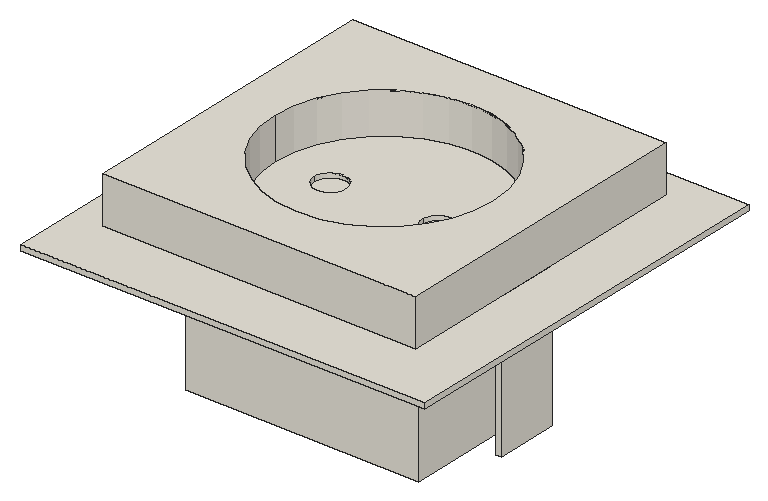
Revit family "Gira_277628", category Electrical Fixtures, host Face, Revit 2017
Family settings
  Host = Face
  Maintain Annotation Orientation = Yes
  Round Connector Dimension = Use Diameter
  Part Type = Normal
  Cut with Voids When Loaded = No
  Shared = No
  Room Calculation Point = No
Parameters (values of type "Sock.BS 13 A SH System 55 anthra.")
  With signal lamp = "No"
  With orientation lighting = "No"
  With on/off switch = "No"
  With miniature fuse = "No"
  With loop through function = "No"
  With hinged lid = "No"
  With function lighting = "No"
  With child-protection = "Yes"
  With built-in USB power supply = "No"
  URL = "http://katalog.gira.de/en/datenblatt.html?artikelnr=277628"
  Type of fastening = "Mounting with screw"
  Transparent = "No"
  Surface protection = "Other"
  Suitable for degree of protection (IP) = "IP20"
  Special power supply = "No special power supply"
  Rotated central insert = "No"
  Protective earth pin round = "No"
  Protective contact = "No"
  Over voltage protection = "No"
  Number of units = "1"
  Number of socket outlets switchable = "0"
  Number of modules (module system) = "1"
  Nominal voltage = "250"
  Nominal current = "13"
  Name = "Sock.BS 13 A SH System 55 anthra."
  Mounting method = "Flush mounted (plaster)"
  Model = "British Standard"
  Material quality = "Thermoplastic"
  Material = "Plastic"
  Manufacturer URL = "https://www.gira.de/"
  Manufacturer = "Gira"
  Lockable = "No"
  Label space/information surface = "No"
  Insulated mounting = "No"
  Imprint/indication = "Without imprint"
  HeinzeBIM = "https://bimportal.heinze.de/bim/sock-bs-13-a-sh-system-55-anthra-/f22b9c5bf33cd85ef0d881eac61b5384497cfa93"
  Halogen free = "Yes"
  HAN = "277628"
  GTIN = "4010337079378"
  Für "erschwerte Bedingungen" (nach VDE) (*de-DE) = "No"
  Fault current protection = "No"
  Eject-mechanism = "No"
  Description = "BS sock.13A SH Sys55 AN,Socket outlet British Standard (BS 1363-2) 13 A 250 V~ with shutter,System 55, Support ring 71 x 71 mm,anthracite,Features:,- With screw terminals.,- For screw mounting only."
  Default Elevation = 1219.2 mm
  Data sheet (1) = "https://katalog.gira.de/en/download.html?artikelnr=277628"
  Cremeweiß glänzend = Cremeweiß glänzend
  Connection type = "Screwed terminal"
  Colour = "Anthracite"
  Category = "Socket outlet"
  BIM (1) = "https://media.stage.bim.site/public/gira/36a6b08/SYS55_Steckdose.rfa"
  Available = "No"
  Antibacterial treatment = "No"
Reference planes
  plane 1 "Center (Front/Back)": y = 0
  plane 2 "Reference Level 0": z = 0
  plane 3 "Center (Left/Right)": x = 0
  plane 4: x = 9.5
  plane 5: x = -9.5
  plane 6: x = 9.5
  plane 7: x = -9.5
  plane 8: x = 9.5
  plane 9: x = -9.5
  plane 10: x = 17.5
  plane 11 "Reference Level 1": z = 8.2
Forms (mm)
  Extrusion 1, solid, material "Cremeweiß glänzend" <- "Cremeweiß glänzend", detail levels coarse
    sketch origin (0, 0, 0) x (1, 0, 0) y (0, 1, 0)
      loop
        line (-35.5, 35.5) -> (-35.5, -35.5) -> (35.5, -35.5) -> (35.5, 35.5) -> (-35.5, 35.5)
    from -27.5 to 8.2
  Extrusion 2, solid, material "Cremeweiß glänzend" <- "Cremeweiß glänzend", detail levels medium+fine
    sketch origin (0, 0, 0) x (1, 0, 0) y (0, 1, 0)
      loop
        line (-35.5, 35.5) -> (-35.5, -35.5) -> (35.5, -35.5) -> (35.5, 35.5) -> (-35.5, 35.5)
    from -2.2 to -3.2
  Extrusion 3, solid, material "Cremeweiß glänzend" <- "Cremeweiß glänzend", detail levels medium+fine
    sketch origin (0, 0, 0) x (1, 0, 0) y (0, 1, 0)
      loop
        line (-27.5, 27.5) -> (-27.5, -27.5) -> (27.5, -27.5) -> (27.5, 27.5) -> (-27.5, 27.5)
      loop
        circle (0, 0) r 19.2
    from 0 to 8.2
  Extrusion 4, solid, material "Cremeweiß glänzend" <- "Cremeweiß glänzend", detail levels fine
    sketch origin (0, 0, 0) x (1, 0, 0) y (0, 1, 0)
      loop
        circle (0, 0) r 19.2
      loop
        circle (9.5, 0) r 2.8
      loop
        circle (-9.5, 0) r 2.8
    from 0 to 1
  Extrusion 5, solid, material "Cremeweiß glänzend" <- "Cremeweiß glänzend", detail levels fine
    sketch origin (0, 0, 0) x (1, 0, 0) y (0, 1, 0)
      loop
        circle (-9.5, 0) r 2.8
      loop
        circle (9.5, 0) r 2.8
    from -2.2 to 0.3
  Extrusion 6, solid, material "Cremeweiß glänzend" <- "Cremeweiß glänzend", detail levels medium
    sketch origin (0, 0, 0) x (1, 0, 0) y (0, 1, 0)
      loop
        circle (0, 0) r 19.2
      loop
        circle (9.5, 0) r 2.8
      loop
        circle (-9.5, 0) r 2.8
    from 7.2 to 8.2
  Extrusion 7, solid, material "Cremeweiß glänzend" <- "Cremeweiß glänzend", detail levels medium
    sketch origin (0, 0, 0) x (1, 0, 0) y (0, 1, 0)
      loop
        circle (-9.5, 0) r 2.8
      loop
        circle (9.5, 0) r 2.8
    from 7.2 to 8.2
  Extrusion 8, solid, material "Cremeweiß glänzend" <- "Cremeweiß glänzend", detail levels medium+fine
    sketch origin (0, 0, 0) x (1, 0, 0) y (0, 1, 0)
      loop
        line (-20.5, 9) -> (-20.5, -18) -> (20.5, -18) -> (20.5, 9) -> (17.5, 9) -> (3, 21) -> (3, 24) -> (-3, 24) -> (-3, 21) -> (-17.5, 9) -> (-20.5, 9)
    from 0 to -27.5
  Extrusion 9, solid, material "Cremeweiß glänzend" <- "Cremeweiß glänzend", detail levels medium+fine
    sketch origin (0, 0, 0) x (1, 0, 0) y (0, 1, 0)
      loop
        line (-25, 5.5) -> (-25, -5.5) -> (-24, -5.5) -> (-24, 5.5) -> (-25, 5.5)
    from 0 to -27.5
  Extrusion 10, solid, material "Cremeweiß glänzend" <- "Cremeweiß glänzend", detail levels medium+fine
    sketch origin (0, 0, 0) x (-1, 0, 0) y (0, -1, 0)
      loop
        line (-25, 5.5) -> (-25, -5.5) -> (-24, -5.5) -> (-24, 5.5) -> (-25, 5.5)
    from 0 to -27.5
Dimensions and locks
  aligned and locked: plane 2 "Reference Level 0" to host face
  aligned and locked: level to host face
  aligned and locked: plane 3 "Center (Left/Right)" to nested 1
  aligned and locked: plane 1 "Center (Front/Back)" to nested 1
Nested families
  nested 1: "Steckdose 1-fach Beschriftung" at (0, 0, 0), type "Steckdose 1-fach Beschriftung"
Connectors
  electrical at (0, 9, -27.5)
    settings: on Extrusion 8, index 1, voltage 220 V, apparent load 0 VA, apparent load phase1 0 VA, apparent load phase2 0 VA, apparent load phase3 0 VA, power factor 1, load classification "Other", number of poles 1, system type 31, power factor state 1, is connector primary yes, connector utility no, sub classification motor no, connector description ""
Definition of nested family "Steckdose 1-fach Beschriftung"
  Reference planes
    plane 1: y = 0
    plane 2: x = 0
  Lines and regions (mm)
    detail lines
      curve 1: line (0, 0, 0) -> (0, 2, 0)
      curve 3: line (0, 2, 0) -> (-1, 2, 0)
      curve 4: arc (1, 3, 0) -> (0, 2, 0) -> (-1, 3, 0) r 1
      curve 5: line (0, 2, 0) -> (1, 2, 0)
    reference lines
      curve 2: line (-0.485, 3, 0) -> (2.315, 3, 0)
  Dimensions and locks
    curve 1 to curve 1 = 2 mm
    plane 1 to curve 2 = 3 mm
    curve 3 to curve 3 = 1 mm
